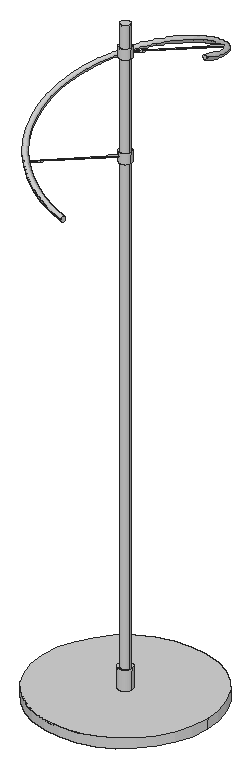
Revit family "SK", category Specialty Equipment, Revit 2012
Parameters (values of type "Spiral Rack (Default)")
  URL = "http://madixinc.com/display/freestanding.html"
  Model = "Spiral Rack"
  Manufacturer = "© 2012 Madix, Inc. All rights reserved."
Reference planes (in)
  plane 1 "Center (Front/Back)": y = 0
  plane 2: z = 0
  plane 3 "Center (Left/Right)": x = 0
  plane 4: x = -9
  plane 5: x = 9
  plane 6: z = 66
  plane 7: z = 1
  plane 8: z = 3
  plane 9: z = 63.75
  plane 10: z = 52.51825
  plane 11: z = 52.01825
  plane 12: z = 64.25
  plane 13: z = 63.25
  plane 14: z = 53.01825
  plane 15: z = 62.75
  plane 16: z = 53.51825
Forms (in)
  Extrusion 1, solid, material "Metal - Steel"
    sketch origin (0, 0, 0) x (1, 0, 0) y (0, 1, 0)
      loop
        circle (0, 0) r 9
    from 0 to 1
  Extrusion 2, solid, material "Metal - Steel"
    sketch origin (0, 0, 0) x (1, 0, 0) y (0, 1, 0)
      loop
        circle (0, 0) r 0.5
    from 1 to 66
  Extrusion 3, solid, material "Metal - Steel"
    sketch origin (0, 0, 0) x (1, 0, 0) y (0, 1, 0)
      loop
        circle (0, 0) r 0.5
      loop
        circle (0, 0) r 0.75
    from 1 to 3
  SweptBlend 4, solid, material "Metal - Steel"
    path origin (0, 0, 0) x (1, 0, 0) y (0, 1, 0)
      loop
        arc (9, 0) -> (-6.36396, 6.36396) -> (0, -9) r 9
    profile origin (9, 0, 0) x (-1, 0, 0) y (0, 0, 1)
      loop
        circle (0.25, 65.75) r 0.25
    end profile origin (0, -9, 0) x (0, 1, 0) y (0, 0, 1)
      loop
        circle (0.5, 50.5) r 0.25
  Sweep 5, solid, material "Metal - Steel"
    path origin (0, 0.00421, 0) x (1, 0, 0) y (0, 1, 0)
      loop
        line (0, 0) -> (6.18718, 6.18718)
    profile origin (3.09359, 3.0978, 0) x (-0.707107, 0.707107, 0) y (0, 0, 1)
      loop
        circle (0, 63.23357) r 0.0625
  Sweep 6, solid, material "Metal - Steel"
    path origin (0, -0.00278, 0) x (1, 0, 0) y (0, 1, 0)
      loop
        line (0, 0) -> (-6.18718, -6.18718)
    profile origin (-3.09359, -3.09638, 0) x (0.707107, -0.707107, 0) y (0, 0, 1)
      loop
        circle (0, 52.99999) r 0.0625
  Extrusion 7, solid, material "Metal - Steel"
    sketch origin (0, 0, 0) x (1, 0, 0) y (0, 1, 0)
      loop
        circle (0, 0) r 0.5
      loop
        circle (0, 0) r 0.625
    from 52.51825 to 53.51825
  Extrusion 8, solid, material "Metal - Steel"
    sketch origin (0, 0, 0) x (1, 0, 0) y (0, 1, 0)
      loop
        circle (0, 0) r 0.5
      loop
        circle (0, 0) r 0.625
    from 62.75 to 63.75
Dimensions and locks (in)
  aligned and locked: level to plane 2
